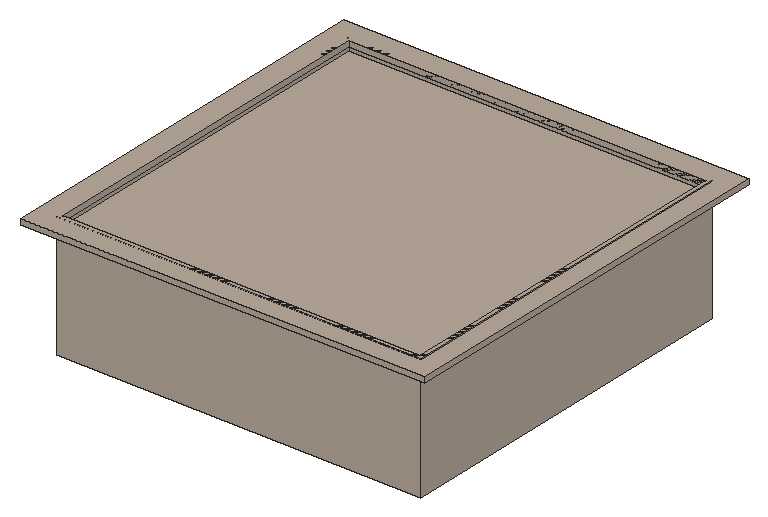
Revit family "Geräteeinsätze GES_Geräteeinsatz_Revisionsabdeckung ZES4", category Generic Models, Revit 2015
Parameters (values of type "ZES9-2 U10T 1019")
  Width 2 = 200 mm
  Width = 222 mm
  URL = "http://www.obo-bettermann.com"
  Material = Plastic RAL 1019
  Manufacturer Art. No. = "7406703"
  Manufacturer = "OBO Bettermann"
  Height = 65 mm
  GTIN = "4012195903291"
  Article Type = "ZES4-2 U10T 1019"
Types (4, lengths in mm): name | Material | Manufacturer Art. No. | GTIN | Article Type
  (no name) | Plastic RAL 1019 | "7406703" | "4012195903291" | "ZES4-2 U10T 1019"
  ZES4-2 U10T 9011 | Plastic RAL 9011 | "7406702" | "4012195903284" | "ZES4-2 U10T 9011"
  ZES4-2 U10T 7011 | Plastic RAL 7011 | "7406701" | "4012195903277" | "ZES4-2 U10T 7011"
  ZES9-2 U10T 1019 | Plastic RAL 1019 | "7406703" | "4012195903291" | "ZES4-2 U10T 1019"
Reference planes
  plane 1 "Center (Front/Back)": y = 0
  plane 2: z = 0
  plane 3 "Center (Left/Right)": x = 0
  plane 4: z = -65
  plane 5: x = -111
  plane 6: x = 111
  plane 7: y = 111
  plane 8: y = -111
  plane 9: z = 3
  plane 10: y = 100
  plane 11: y = -100
  plane 12: x = -100
  plane 13: x = 100
  plane 14: y = 98
  plane 15: x = -98
  plane 16: x = 98
  plane 17: z = -2
  plane 18: x = -79
  plane 19: x = 79
  plane 20: y = -79
  plane 21: y = 79
  plane 22: z = -9
  plane 23: y = -118
  plane 24: y = -98
Forms (mm)
  Extrusion 1, solid, material "Plastic RAL 1019" <- "Material"
    sketch origin (0, 0, 0) x (1, 0, 0) y (0, 1, 0)
      loop
        line (-111, 111) -> (-111, -111) -> (111, -111) -> (111, 111) -> (-111, 111)
    from 3 to 0
  Extrusion 2, solid, material "Plastic RAL 1019" <- "Material"
    sketch origin (0, 0, 0) x (1, 0, 0) y (0, 1, 0)
      loop
        line (-100, 100) -> (-100, -100) -> (100, -100) -> (100, 100) -> (-100, 100)
    from -65 to 3
  Extrusion 3, void
    sketch origin (0, 0, 0) x (1, 0, 0) y (0, 1, 0)
      loop
        line (79, 79) -> (-79, 79) -> (-79, -79) -> (79, -79) -> (79, 79)
    from -65 to -9
  Extrusion 4, void
    sketch origin (0, 0, 0) x (1, 0, 0) y (0, 1, 0)
      loop
        line (98, 98) -> (-98, 98) -> (-98, -98) -> (98, -98) -> (98, 98)
    from -2 to 3
Cuts and joins
  Extrusion 3, Extrusion 4 cuts Extrusion 1
  Extrusion 3, Extrusion 4 cuts Extrusion 2
Lines and regions (mm)
  model lines
    curve 1: line (-111, -111, 0) -> (-111, 111, 0)
    curve 2: line (-111, 111, 0) -> (111, 111, 0)
    curve 3: line (111, 111, 0) -> (111, -111, 0)
    curve 4: line (111, -111, 0) -> (-111, -111, 0)
    curve 5: line (-100, 100, 0) -> (100, 100, 0)
    curve 6: line (100, 100, 0) -> (100, -100, 0)
    curve 7: line (100, -100, 0) -> (-100, -100, 0)
    curve 8: line (-100, -100, 0) -> (-100, 100, 0)
    curve 9: line (-98, 98, 0) -> (98, 98, 0)
    curve 10: line (98, 98, 0) -> (98, -98, 0)
    curve 11: line (-98, -98, 0) -> (-98, 98, 0)
    curve 12: line (-79, 79, 0) -> (-79, -79, 0)
    curve 13: line (-79, -79, 0) -> (79, -79, 0)
    curve 14: line (79, -79, 0) -> (79, 79, 0)
    curve 15: line (79, 79, 0) -> (-79, 79, 0)
    curve 16: line (-40.5, -118, 0) -> (-39.5, -118, 0)
    curve 17: line (-98, -98, 0) -> (98, -98, 0)
Dimensions and locks
  "Height": plane 4 to level
  locked: level to plane 9 at 3
  locked: plane 17 to plane 9 at 5
  locked: plane 22 to plane 9 at 12
  equal spacing: plane 5, plane 3 "Center (Left/Right)", plane 6
  "Width": plane 5 to plane 6
  equal spacing: plane 7, plane 1 "Center (Front/Back)", plane 8
  "Width": plane 7 to plane 8
  equal spacing: plane 12, plane 3 "Center (Left/Right)", plane 13
  "Width 2": plane 12 to plane 13
  equal spacing: plane 10, plane 1 "Center (Front/Back)", plane 11
  "Width 2": plane 10 to plane 11
  locked: plane 12 to plane 18 at 21
  locked: plane 19 to plane 13 at 21
  locked: plane 10 to plane 21 at 21
  locked: plane 7 to plane 14 at 13
  locked: plane 16 to plane 6 at 13
  locked: plane 5 to plane 15 at 13
  locked: plane 8 to plane 24 at 13
  locked: plane 20 to plane 11 at 21
  aligned and locked: level to plane 2
  aligned and locked: plane 5 to curve 1
  aligned and locked: curve 2 to plane 7
  aligned and locked: curve 3 to plane 6
  aligned and locked: plane 8 to curve 4
  aligned and locked: Extrusion 1 sketch curve to curve 2
  aligned and locked: Extrusion 1 sketch curve to curve 3
  aligned and locked: Extrusion 1 sketch curve to curve 4
  aligned and locked: Extrusion 1 sketch curve to curve 1
  aligned and locked: Extrusion 1 to plane 9
  aligned and locked: level to Extrusion 1
  aligned and locked: curve 5 to plane 10
  aligned and locked: curve 6 to plane 13
  aligned and locked: plane 11 to curve 7
  aligned and locked: plane 12 to curve 8
  aligned and locked: Extrusion 2 sketch curve to curve 5
  aligned and locked: Extrusion 2 sketch curve to curve 8
  aligned and locked: Extrusion 2 sketch curve to curve 6
  aligned and locked: Extrusion 2 sketch curve to curve 7
  aligned and locked: Extrusion 2 to plane 4
  aligned and locked: plane 9 to Extrusion 2
  aligned and locked: curve 9 to plane 14
  aligned and locked: curve 10 to plane 16
  aligned and locked: plane 15 to curve 11
  aligned and locked: curve 12 to plane 18
  aligned and locked: curve 13 to plane 20
  aligned and locked: plane 19 to curve 14
  aligned and locked: plane 21 to curve 15
  aligned and locked: Extrusion 3 sketch curve to curve 15
  aligned and locked: Extrusion 3 sketch curve to curve 12
  aligned and locked: Extrusion 3 sketch curve to curve 13
  aligned and locked: Extrusion 3 sketch curve to curve 14
  aligned and locked: Extrusion 3 to plane 4
  aligned and locked: plane 22 to Extrusion 3
  aligned and locked: curve 16 to plane 23
  aligned and locked: curve 17 to curve 10
  aligned and locked: Extrusion 4 sketch curve to curve 9
  aligned and locked: Extrusion 4 sketch curve to curve 11
  aligned and locked: Extrusion 4 sketch curve to curve 17
  aligned and locked: Extrusion 4 sketch curve to curve 10
  aligned and locked: Extrusion 4 to plane 17
  aligned and locked: plane 9 to Extrusion 4
Automatic sketch dimensions
  curve 12 to plane 18 = 0 mm
  plane 24 to curve 17 = 0 mm
  plane 18 to curve 16 = 38.5 mm
  curve 16 to curve 16 = 1 mm
